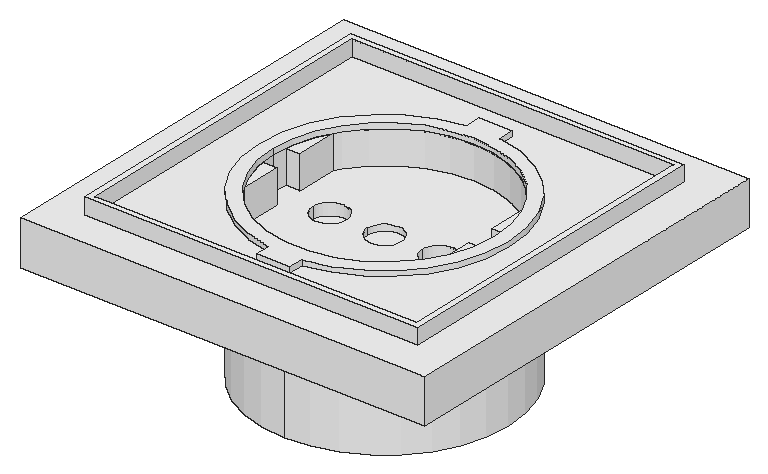
Revit family "Gira_045466", category Electrical Fixtures, host Face, Revit 2017
Family settings
  Host = Face
  Maintain Annotation Orientation = Yes
  Round Connector Dimension = Use Diameter
  Part Type = Normal
  Cut with Voids When Loaded = No
  Shared = No
  Room Calculation Point = No
Parameters (values of type "SCHUKO HC Gira TX_44 (WP FM) p.white")
  URL = "http://katalog.gira.de/en/datenblatt.html?artikelnr=045466"
  Transparent = "No"
  Name = "SCHUKO HC Gira TX_44 (WP FM) p.white"
  Model = "Protective contact (SCHUKO)"
  Manufacturer URL = "https://www.gira.de/"
  Manufacturer = "Gira"
  Keynote = ""
  HeinzeBIM = "https://bimportal.heinze.de/bim/schuko-hc-gira-tx-44-wp-fm-p-white/7dee9f92bc724979726ecb2266b9bed7f5341d5e"
  HAN = "045466"
  GTIN = "4010337454663"
  Description = "SCHUKO HC TX_44 PW,SCHUKO socket outlet 16 A 250 V~ with hinged cover,,pure white,"
  Default Elevation = 1219.2 mm
  Data sheet (1) = "https://katalog.gira.de/en/download.html?artikelnr=045466"
  Category = "Socket outlet"
  BIM (1) = "https://media.stage.bim.site/public/gira/36a6b08/TX44_Steckdose.rfa"
  Available = "No"
Reference planes
  plane 1 "Center (Front/Back)": y = 0
  plane 2: z = 0
  plane 3 "Center (Left/Right)": x = 0
Forms (mm)
  Extrusion 1, solid, material "White", detail levels fine
    sketch origin (0, 0, 0) x (1, 0, 0) y (0, 1, 0)
      loop
        line (35.018, 35.018) -> (-35.018, 35.018) -> (-35.018, -35.018) -> (35.018, -35.018) -> (35.018, 35.018)
      loop
        circle (0.028, 0.033) r 19.286
    from 0 to 7.7
  Extrusion 2, solid, material "White", detail levels fine
    sketch origin (0, 0, 0) x (1, 0, 0) y (0, 1, 0)
      loop
        arc (-2.893, 21.39) -> (-21.584, 0) -> (-2.893, -21.39) r 21.584
        line (-2.893, -21.39) -> (-2.893, -24.069) -> (2.893, -24.069) -> (2.893, -21.39)
        arc (2.893, -21.39) -> (21.584, 0) -> (2.893, 21.39) r 21.584
        line (2.893, 21.39) -> (2.893, 24.069) -> (-2.893, 24.069) -> (-2.893, 21.39)
      loop
        circle (0.028, 0.033) r 19.286
    from 7.7 to 8.6
  Extrusion 3, solid, material "White", detail levels fine
    sketch origin (0, 0, 0) x (1, 0, 0) y (0, 1, 0)
      loop
        line (-27.831, -27.831) -> (27.831, -27.831) -> (27.831, 27.831) -> (-27.831, 27.831) -> (-27.831, -27.831)
      loop
        line (-28.831, 28.831) -> (-28.831, -28.831) -> (28.831, -28.831) -> (28.831, 28.831) -> (-28.831, 28.831)
    from 7.7 to 10.4
  Extrusion 4, solid, material "White", detail levels medium+fine
    sketch origin (0, 0, 0) x (1, 0, 0) y (0, 1, 0)
      loop
        circle (0.028, 0.033) r 19.286
      loop
        circle (-9.472, 0.033) r 3
      loop
        circle (0.028, 0.033) r 3
      loop
        circle (9.528, 0.033) r 3
    from 0 to 2
  Extrusion 5, solid, material "White", detail levels medium+fine
    sketch origin (0, 0, 0) x (1, 0, 0) y (0, 1, 0)
      loop
        circle (0.028, 0.033) r 3
    from 0 to 1
  Extrusion 6, solid, material "White", detail levels fine
    sketch origin (0, 0, 0) x (1, 0, 0) y (0, 1, 0)
      loop
        line (-20.126, 2.533) -> (-16.596, 2.533) -> (-16.596, 10.949) -> (-20.126, 2.533)
      loop
        line (-20.126, -2.467) -> (-16.596, -10.883) -> (-16.596, -2.467) -> (-20.126, -2.467)
      loop
        line (20.181, 2.533) -> (16.651, 10.949) -> (16.651, 2.533) -> (20.181, 2.533)
      loop
        line (20.181, -2.467) -> (16.651, -2.467) -> (16.651, -10.883) -> (20.181, -2.467)
    from 0 to 7.7
  Extrusion 7, solid, material "White", detail levels medium+fine
    sketch origin (0, 0, 0) x (1, 0, 0) y (0, 1, 0)
      loop
        circle (0, 0) r 21.584
    from 0 to -20
  Extrusion 8, solid, material "White", detail levels medium
    sketch origin (0, 0, 0) x (1, 0, 0) y (0, 1, 0)
      loop
        line (35.018, 35.018) -> (-35.018, 35.018) -> (-35.018, -35.018) -> (35.018, -35.018) -> (35.018, 35.018)
      loop
        circle (0.028, 0.033) r 19.286
    from 0 to 10.4
  Extrusion 9, solid, material "White", detail levels coarse
    sketch origin (0, 0, 0) x (1, 0, 0) y (0, 1, 0)
      loop
        line (35.018, 35.018) -> (-35.018, 35.018) -> (-35.018, -35.018) -> (35.018, -35.018) -> (35.018, 35.018)
    from -20 to 10.4
Dimensions and locks
  aligned and locked: plane 2 to host face
  aligned and locked: level to host face
Nested families
  nested 1: "Steckdose 1-fach Beschriftung" at (0, 0, 0), type "Steckdose 1-fach Beschriftung"
Definition of nested family "Steckdose 1-fach Beschriftung"
  Reference planes
    plane 1: y = 0
    plane 2: x = 0
  Lines and regions (mm)
    detail lines
      curve 1: line (0, 0, 0) -> (0, 2, 0)
      curve 3: line (0, 2, 0) -> (-1, 2, 0)
      curve 4: arc (1, 3, 0) -> (0, 2, 0) -> (-1, 3, 0) r 1
      curve 5: line (0, 2, 0) -> (1, 2, 0)
    reference lines
      curve 2: line (-0.485, 3, 0) -> (2.315, 3, 0)
  Dimensions and locks
    curve 1 to curve 1 = 2 mm
    plane 1 to curve 2 = 3 mm
    curve 3 to curve 3 = 1 mm
